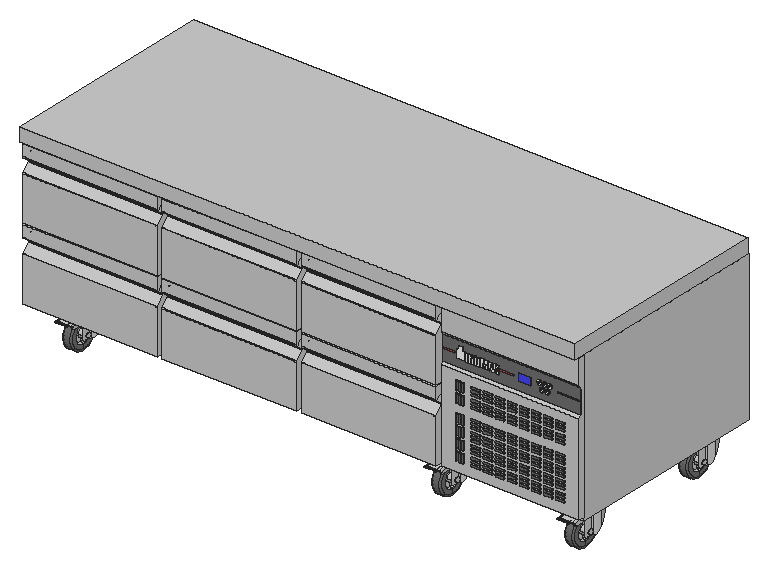
Revit family "QF_INOMAK_PWDP777_250528090058", category Specialty Equipment, Revit 2021 (continued)
Definition of nested family "QF_INOMAK_REF_COUNTERS_DOORS_DRAWERS_6522"
  Definition of nested family "2_Drawers_1-2"
    Automatic sketch dimensions
      plane 7 "Front legs" to Extrusion 4 sketch curve = 21.094 mm
      Extrusion 4 sketch curve to Extrusion 4 sketch curve = 11.91 mm
      Extrusion 4 sketch curve to Extrusion 4 sketch curve = 2.243 mm
      Extrusion 4 sketch curve to Extrusion 4 sketch curve = 2.385 mm
      Extrusion 4 sketch curve to Extrusion 4 sketch curve = 20.119 mm
      Extrusion 4 sketch curve to Extrusion 4 sketch curve = 22.822 mm
      Extrusion 4 sketch curve to Extrusion 4 sketch curve = 19.985 mm
      Extrusion 4 sketch curve to Extrusion 4 sketch curve = 6.919 mm
      Extrusion 4 sketch curve to Extrusion 4 sketch curve = 30.039 mm
  Definition of nested family "2_Drawers_1-3_2-3"
    Parameters (values of type "2 Drawers 1-3 and 2-3")
      URL = "www.specifiglobal.com"
      Top inset [instance] = 4 mm
      Right panel thickness [instance] = 35 mm
      Rear inset [instance] = 10 mm
      Plinth height [instance] = 150 mm
      Model = ""
      Manufacturer = "DEMO CONSULTANT"
      Length Actual [instance] = 1200 mm
      Left panel thickness [instance] = 35 mm
      Height Actual [instance] = 900 mm
      Front inset [instance] = 10 mm
      Finish = none
      Doors drawers type [instance] = 5
      Description = ""
      Depth Actual [instance] = 700 mm
      Default Elevation = 0 mm
      Bottom inset [instance] = 4 mm
      Assembly Code = "E1090320"
      2 Drawers 1-3 and 2-3 [instance] = Doors drawers type = 5  # yes
    Reference planes
      plane 1 "Back": y = 0
      plane 2: z = 0
      plane 3 "Left": x = 0
      plane 4 "Right": x = 1200
      plane 5 "Front": y = -700
      plane 6 "Top": z = 1050
      plane 7 "Front legs": y = -690
      plane 8 "Legs top": z = 150
      plane 9 "Backsplash thickness": y = -10
      plane 10 "Left panel": x = 35
      plane 11 "Right panel": x = 1165
      plane 12: z = 1046
      plane 13: z = 751.833
      plane 14: z = 746.833
      plane 15: z = 154
      plane 16: z = 450.667
      plane 17: z = 152
      plane 18: z = 1048
      plane 19: z = 749.333
    Forms (mm)
      Extrusion 1, solid, material <- "Finish", visible <- "2 Drawers 1-3 and 2-3"
        sketch origin (35, 0, 0) x (0, -1, 0) y (0, 0, 1)
          loop
            line (690, 751.833) -> (690, 960.365)
            arc (690, 960.365) -> (689.866, 961.037) -> (689.485, 961.607) r 1.757
            line (689.485, 961.607) -> (666.663, 984.429)
            arc (666.663, 984.429) -> (665.976, 985.458) -> (665.734, 986.672) r 3.172
            line (665.734, 986.672) -> (665.734, 1013.576)
            arc (665.734, 1013.576) -> (666.433, 1015.262) -> (668.119, 1015.961) r 2.385
            line (668.119, 1015.961) -> (680.029, 1015.961) -> (686.544, 1006.657)
            arc (686.544, 1006.657) -> (688.671, 1005.935) -> (690, 1007.747) r 1.9
            line (690, 1007.747) -> (690, 1046) -> (648, 1046) -> (648, 751.833) -> (690, 751.833)
        from 0 to -1130
      Extrusion 2, solid, visible <- "2 Drawers 1-3 and 2-3", detail levels coarse
        sketch origin (0, -640.463, 751.833) x (0, 1, 0) y (-1, 0, 0)
          loop
            line (-49.537, -35) -> (-624.537, -35) -> (-624.537, -1165) -> (-49.537, -1165) -> (-49.537, -35)
        from 0 to 294.167
      Extrusion 3, solid, visible <- "2 Drawers 1-3 and 2-3", detail levels coarse
        sketch origin (0, -700, 154) x (-1, 0, 0) y (0, 1, 0)
          loop
            line (-35, 10) -> (-1165, 10) -> (-1165, -565) -> (-35, -565) -> (-35, 10)
        from 0 to -592.833
      Extrusion 4, solid, material <- "Finish", visible <- "2 Drawers 1-3 and 2-3"
        sketch origin (35, 0, -441.333) x (0, -1, 0) y (0, 0, 1)
          loop
            line (690, 595.333) -> (690, 1101.698)
            arc (690, 1101.698) -> (689.866, 1102.37) -> (689.485, 1102.94) r 1.757
            line (689.485, 1102.94) -> (666.663, 1126.596)
            arc (666.663, 1126.596) -> (665.976, 1127.625) -> (665.734, 1128.839) r 3.172
            line (665.734, 1128.839) -> (665.734, 1155.743)
            arc (665.734, 1155.743) -> (666.433, 1157.429) -> (668.119, 1158.128) r 2.385
            line (668.119, 1158.128) -> (680.029, 1158.128) -> (686.544, 1148.824)
            arc (686.544, 1148.824) -> (688.671, 1148.102) -> (690, 1149.914) r 1.9
            line (690, 1149.914) -> (690, 1188.167) -> (648, 1188.167) -> (648, 595.333) -> (690, 595.333)
        from 0 to -1130
    Lines and regions (mm)
      symbolic lines, visible <- "2 Drawers 1-3 and 2-3"
        curve 1: line (35, -1000, 900) -> (35, -1040, 900)
        curve 2: line (35, -1040, 900) -> (1165, -1040, 900)
        curve 3: line (1165, -1040, 900) -> (1165, -1000, 900)
        curve 4: line (1165, -1000, 900) -> (35, -1000, 900)
        curve 5: line (1135, -1000, 900) -> (1135, -700, 900)
        curve 6: line (65, -1000, 900) -> (65, -700, 900)
        curve 7: line (35, -1225, 900) -> (35, -1265, 900)
        curve 8: line (35, -1265, 900) -> (1165, -1265, 900)
        curve 9: line (1165, -1265, 900) -> (1165, -1225, 900)
        curve 10: line (1165, -1225, 900) -> (35, -1225, 900)
        curve 11: line (1135, -1225, 900) -> (1135, -1040, 900)
        curve 12: line (65, -1225, 900) -> (65, -1040, 900)
    Dimensions and locks
      "Length Actual": plane 3 "Left" to plane 4 "Right"
      "Depth Actual": plane 5 "Front" to plane 1 "Back"
      "Height Actual": plane 6 "Top" to plane 8 "Legs top"
      "Front inset": plane 7 "Front legs" to plane 5 "Front"
      "Plinth height": plane 8 "Legs top" to plane 2
      "Rear inset": plane 9 "Backsplash thickness" to plane 1 "Back"
      "Right panel thickness": plane 11 "Right panel" to plane 4 "Right"
      "Left panel thickness": plane 3 "Left" to plane 10 "Left panel"
      "Top inset": plane 6 "Top" to plane 12
      locked: plane 13 to plane 14 at 5
      "Bottom inset": plane 15 to plane 8 "Legs top"
      equal spacing: plane 17, plane 16, plane 19, plane 18
      equal spacing: plane 12, plane 18, plane 6 "Top"
      equal spacing: plane 14, plane 19, plane 13
      equal spacing: plane 15, plane 17, plane 8 "Legs top"
      aligned and locked: level to plane 2
      aligned and locked: Extrusion 1 to plane 11 "Right panel"
      aligned and locked: plane 10 "Left panel" to curve 1
      aligned and locked: plane 10 "Left panel" to curve 7
      aligned and locked: Extrusion 2 sketch curve to plane 10 "Left panel"
      aligned and locked: plane 11 "Right panel" to Extrusion 2 sketch curve
      aligned and locked: Extrusion 3 sketch curve to plane 10 "Left panel"
      aligned and locked: plane 11 "Right panel" to Extrusion 3 sketch curve
      aligned and locked: Extrusion 2 to plane 12
      aligned and locked: Extrusion 4 to plane 11 "Right panel"
      aligned and locked: Extrusion 3 to plane 14
      aligned and locked: plane 13 to Extrusion 1 sketch curve
      aligned and locked: Extrusion 2 to Extrusion 1 sketch curve
      aligned and locked: Extrusion 3 to Extrusion 4 sketch curve
      aligned and locked: Extrusion 4 sketch curve to Extrusion 3  (x2)
      aligned and locked: Extrusion 1 sketch curve to plane 7 "Front legs"
    Automatic sketch dimensions
      Extrusion 2 sketch curve to plane 7 "Front legs" = 0 mm
      Extrusion 2 sketch curve to plane 5 "Front" = 565 mm
      Extrusion 3 sketch curve to plane 7 "Front legs" = 0 mm
      Extrusion 3 sketch curve to plane 5 "Front" = 565 mm
      curve 9 to plane 11 "Right panel" = 0 mm
      curve 2 to plane 11 "Right panel" = 0 mm
      curve 5 to plane 5 "Front" = 0 mm
      curve 6 to plane 5 "Front" = 0 mm
      curve 1 to plane 5 "Front" = 300 mm
      curve 3 to curve 3 = 40 mm
      curve 7 to curve 1 = 185 mm
      curve 8 to curve 9 = 40 mm
      plane 11 "Right panel" to curve 5 = 30 mm
      curve 11 to curve 5 = 0 mm
      curve 6 to plane 10 "Left panel" = 30 mm
      curve 12 to curve 6 = 0 mm
      Extrusion 1 sketch curve to plane 7 "Front legs" = 0 mm
      plane 7 "Front legs" to Extrusion 1 sketch curve = 0.515 mm
      plane 7 "Front legs" to Extrusion 1 sketch curve = 1.757 mm
      plane 7 "Front legs" to Extrusion 1 sketch curve = 1.9 mm
      Extrusion 1 sketch curve to Extrusion 1 sketch curve = 1.556 mm
      plane 7 "Front legs" to Extrusion 1 sketch curve = 9.971 mm
      plane 7 "Front legs" to Extrusion 1 sketch curve = 21.094 mm
      Extrusion 1 sketch curve to Extrusion 1 sketch curve = 11.91 mm
      Extrusion 1 sketch curve to Extrusion 1 sketch curve = 2.243 mm
      Extrusion 1 sketch curve to Extrusion 1 sketch curve = 2.385 mm
      Extrusion 1 sketch curve to Extrusion 1 sketch curve = 20.119 mm
      plane 12 to Extrusion 1 sketch curve = 85.635 mm
      Extrusion 1 sketch curve to Extrusion 1 sketch curve = 22.822 mm
      Extrusion 1 sketch curve to Extrusion 1 sketch curve = 19.985 mm
      Extrusion 1 sketch curve to Extrusion 1 sketch curve = 6.919 mm
      plane 12 to Extrusion 1 sketch curve = 0 mm
      Extrusion 4 sketch curve to plane 7 "Front legs" = 0 mm
      plane 7 "Front legs" to Extrusion 4 sketch curve = 0.515 mm
      plane 7 "Front legs" to Extrusion 4 sketch curve = 1.9 mm
      Extrusion 4 sketch curve to Extrusion 4 sketch curve = 1.556 mm
      plane 7 "Front legs" to Extrusion 4 sketch curve = 9.971 mm
      plane 7 "Front legs" to Extrusion 4 sketch curve = 21.094 mm
      Extrusion 4 sketch curve to Extrusion 4 sketch curve = 11.91 mm
      Extrusion 4 sketch curve to Extrusion 4 sketch curve = 2.243 mm
      Extrusion 4 sketch curve to Extrusion 4 sketch curve = 2.385 mm
      Extrusion 4 sketch curve to Extrusion 4 sketch curve = 20.119 mm
      Extrusion 4 sketch curve to Extrusion 4 sketch curve = 86.469 mm
      Extrusion 4 sketch curve to Extrusion 4 sketch curve = 23.656 mm
      Extrusion 4 sketch curve to Extrusion 4 sketch curve = 19.985 mm
      Extrusion 4 sketch curve to Extrusion 4 sketch curve = 6.919 mm
      plane 7 "Front legs" to Extrusion 4 sketch curve = 1.757 mm
  Definition of nested family "Sliding_Doors"
    Parameters (values of type "Sliding doors")
      URL = "www.specifiglobal.com"
      Top inset [instance] = 4 mm
      Sliding doors [instance] = Doors drawers type = 2  # yes
      Right panel thickness [instance] = 35 mm
      Rear inset [instance] = 10 mm
      Plinth height [instance] = 150 mm
      Model = ""
      Manufacturer = "DEMO CONSULTANT"
      Length Actual [instance] = 1200 mm
      Left panel thickness [instance] = 35 mm
      Height Actual [instance] = 900 mm
      Front inset [instance] = 10 mm
      Finish [instance] = none
      Doors drawers type [instance] = 2
      Description = ""
      Depth Actual [instance] = 700 mm
      Default Elevation = 0 mm
      Bottom inset [instance] = 4 mm
      Assembly Code = "E1090320"
    Reference planes
      plane 1 "Back": y = 0
      plane 2: z = 0
      plane 3 "Left": x = 0
      plane 4 "Right": x = 1200
      plane 5 "Front": y = -700
      plane 6 "Top": z = 1050
      plane 7 "Front legs": y = -690
      plane 8 "Legs top": z = 150
      plane 9 "Backsplash thickness": y = -10
      plane 10: x = 35
      plane 11: x = 1165
      plane 12 "Center Left-Right": x = 600
      plane 13: z = 154
      plane 14: z = 1046
    Forms (mm)
      Extrusion 1, solid, material <- "Finish", visible <- "Sliding doors"
        sketch origin (0, -690, 154) x (-1, 0, 0) y (0, 1, 0)
          loop
            line (-35, 10) -> (-35, 20) -> (-620, 20) -> (-620, 0) -> (-91.156, 0)
            arc (-91.156, 0) -> (-85.272, 0.885) -> (-79.91, 3.461) r 20
            line (-79.91, 3.461) -> (-60, 17) -> (-38, 17) -> (-38, 10)
            arc (-38, 10) -> (-40.05, 5.05) -> (-45, 3) r 7
            line (-45, 3) -> (-50.012, 3) -> (-50.012, 0) -> (-45, 0)
            arc (-45, 0) -> (-37.929, 2.929) -> (-35, 10) r 10
        from 0 to -892
      Extrusion 2, solid, material <- "Finish", visible <- "Sliding doors"
        sketch origin (0, -689, 154) x (-1, 0, 0) y (0, 1, 0)
          loop
            arc (-1065, 30) -> (-1062.071, 22.929) -> (-1055, 20) r 10
            line (-1055, 20) -> (-1049.988, 20) -> (-1049.988, 23) -> (-1055, 23)
            arc (-1055, 23) -> (-1059.95, 25.05) -> (-1062, 30) r 7
            line (-1062, 30) -> (-1062, 37) -> (-1040, 37) -> (-1020.09, 23.461)
            arc (-1020.09, 23.461) -> (-1014.728, 20.885) -> (-1008.844, 20) r 20
            line (-1008.844, 20) -> (-480, 20) -> (-480, 40) -> (-1065, 40) -> (-1065, 30)
        from 0 to -892
    Lines and regions (mm)
      symbolic lines, visible <- "Sliding doors"
        curve 1: line (1065, -649, 150) -> (480, -649, 150)
        curve 2: line (1065, -669, 150) -> (1065, -649, 150)
        curve 3: line (480, -669, 150) -> (1065, -669, 150)
        curve 4: line (480, -649, 150) -> (480, -669, 150)
        curve 5: line (620, -690, 150) -> (35, -690, 150)
        curve 6: line (620, -670, 150) -> (620, -690, 150)
        curve 7: line (35, -670, 150) -> (620, -670, 150)
        curve 8: line (35, -690, 150) -> (35, -670, 150)
    Dimensions and locks
      "Length Actual": plane 3 "Left" to plane 4 "Right"
      "Depth Actual": plane 5 "Front" to plane 1 "Back"
      "Height Actual": plane 6 "Top" to plane 8 "Legs top"
      "Front inset": plane 7 "Front legs" to plane 5 "Front"
      "Plinth height": plane 8 "Legs top" to plane 2
      "Rear inset": plane 9 "Backsplash thickness" to plane 1 "Back"
      "Right panel thickness": plane 11 to plane 4 "Right"
      "Left panel thickness": plane 3 "Left" to plane 10
      equal spacing: plane 10, plane 12 "Center Left-Right", plane 11
      "Top inset": plane 6 "Top" to plane 14
      "Bottom inset": plane 13 to plane 8 "Legs top"
      locked: plane 12 "Center Left-Right" to curve 4 at 120
      locked: plane 12 "Center Left-Right" to curve 5 at 20
      locked: plane 11 to curve 1 at 100
      aligned and locked: level to plane 2
      aligned and locked: Extrusion 1 sketch curve to plane 7 "Front legs"
      aligned and locked: Extrusion 1 sketch curve to plane 10
      aligned and locked: Extrusion 1 to plane 14
      aligned and locked: Extrusion 2 to plane 14
      aligned and locked: curve 8 to plane 10
    Automatic sketch dimensions
      Extrusion 2 sketch curve to Extrusion 2 sketch curve = 0 mm  (x2)
      plane 11 to Extrusion 2 sketch curve = 100 mm
      Extrusion 2 sketch curve to Extrusion 2 sketch curve = 3 mm
      Extrusion 2 sketch curve to Extrusion 2 sketch curve = 7 mm  (x2)
      Extrusion 2 sketch curve to Extrusion 2 sketch curve = 5.012 mm
      plane 7 "Front legs" to Extrusion 2 sketch curve = 38 mm
      Extrusion 2 sketch curve to Extrusion 2 sketch curve = 15 mm
      plane 7 "Front legs" to Extrusion 2 sketch curve = 24.461 mm
      Extrusion 2 sketch curve to Extrusion 2 sketch curve = 19.91 mm
      Extrusion 2 sketch curve to Extrusion 2 sketch curve = 11.246 mm
      Extrusion 2 sketch curve to plane 12 "Center Left-Right" = 120 mm
      Extrusion 2 sketch curve to Extrusion 2 sketch curve = 16.539 mm
      Extrusion 2 sketch curve to Extrusion 2 sketch curve = 20 mm
      Extrusion 1 sketch curve to Extrusion 1 sketch curve = 0 mm  (x2)
      Extrusion 1 sketch curve to plane 7 "Front legs" = 0 mm
      Extrusion 1 sketch curve to plane 10 = 3 mm
      Extrusion 1 sketch curve to Extrusion 1 sketch curve = 7 mm
      Extrusion 1 sketch curve to Extrusion 1 sketch curve = 5.012 mm
      Extrusion 1 sketch curve to Extrusion 1 sketch curve = 15 mm
      plane 7 "Front legs" to Extrusion 1 sketch curve = 3.461 mm
      Extrusion 1 sketch curve to Extrusion 1 sketch curve = 19.91 mm
      Extrusion 1 sketch curve to Extrusion 1 sketch curve = 11.246 mm
      plane 12 "Center Left-Right" to Extrusion 1 sketch curve = 20 mm
      Extrusion 1 sketch curve to Extrusion 1 sketch curve = 20 mm
      Extrusion 1 sketch curve to Extrusion 1 sketch curve = 3 mm
      curve 8 to plane 7 "Front legs" = 0 mm
      curve 5 to curve 6 = 20 mm
      plane 7 "Front legs" to curve 2 = 21 mm
      curve 2 to curve 2 = 20 mm
  Definition of nested family "4_Drawers_1-4"
    Parameters (values of type "4 Drawers 1-4")
      URL = "www.specifiglobal.com"
      Top inset [instance] = 4 mm
      Right panel thickness [instance] = 35 mm
      Rear inset [instance] = 10 mm
      Plinth height [instance] = 150 mm
      Model = ""
      Manufacturer = "DEMO CONSULTANT"
      Length Actual [instance] = 1200 mm
      Left panel thickness [instance] = 35 mm
      Height Actual [instance] = 900 mm
      Front inset [instance] = 10 mm
      Finish [instance] = none
      Doors drawers type [instance] = 7
      Description = ""
      Depth Actual [instance] = 700 mm
      Default Elevation = 0 mm
      Bottom inset [instance] = 4 mm
      Assembly Code = "E1090320"
      4 Drawers [instance] = Doors drawers type = 7  # yes
    Reference planes
      plane 1 "Back": y = 0
      plane 2: z = 0
      plane 3 "Left": x = 0
      plane 4 "Right": x = 1200
      plane 5 "Front": y = -700
      plane 6 "Top": z = 1050
      plane 7 "Front legs": y = -690
      plane 8 "Legs top": z = 150
      plane 9 "Backsplash thickness": y = -10
      plane 10 "Left panel": x = 35
      plane 11 "Right panel": x = 1165
      plane 12: z = 824.25
      plane 13: z = 1046
      plane 14: z = 826.083
      plane 15: z = 822.417
      plane 16: z = 1048.5
      plane 17: z = 375.75
      plane 18: z = 377.917
      plane 19: z = 373.583
      plane 20: z = 154
      plane 21: z = 151.5
      plane 22: z = 600
      plane 23: z = 601.833
      plane 24: z = 598.167
    Forms (mm)
      Extrusion 1, solid, material <- "Finish", visible <- "4 Drawers"
        sketch origin (35, 0, -1) x (0, -1, 0) y (0, 0, 1)
          loop
            line (680, 1047) -> (670, 1047) -> (670, 827.083) -> (690, 827.083) -> (690, 990.844)
            arc (690, 990.844) -> (689.115, 996.728) -> (686.539, 1002.09) r 20
            line (686.539, 1002.09) -> (673, 1022) -> (673, 1044) -> (680, 1044)
            arc (680, 1044) -> (684.95, 1041.95) -> (687, 1037) r 7
            line (687, 1037) -> (687, 1031.988) -> (690, 1031.988) -> (690, 1037)
            arc (690, 1037) -> (687.071, 1044.071) -> (680, 1047) r 10
        from 0 to -1130
      Extrusion 2, solid, visible <- "4 Drawers", detail levels coarse
        sketch origin (0, -640.463, 826.083) x (0, 1, 0) y (-1, 0, 0)
          loop
            line (-49.537, -35) -> (-624.537, -35) -> (-624.537, -1165) -> (-49.537, -1165) -> (-49.537, -35)
        from 0 to 219.917
      Extrusion 3, solid, visible <- "4 Drawers", detail levels coarse
        sketch origin (0, -700, 154) x (-1, 0, 0) y (0, 1, 0)
          loop
            line (-35, 10) -> (-1165, 10) -> (-1165, -565) -> (-35, -565) -> (-35, 10)
        from 0 to -219.583
      Extrusion 4, solid, material <- "Finish", visible <- "4 Drawers"
        sketch origin (35, 0, -440.333) x (0, -1, 0) y (0, 0, 1)
          loop
            line (680, 813.917) -> (670, 813.917) -> (670, 594.333) -> (690, 594.333) -> (690, 757.761)
            arc (690, 757.761) -> (689.115, 763.644) -> (686.539, 769.007) r 20
            line (686.539, 769.007) -> (673, 788.917) -> (673, 810.917) -> (680, 810.917)
            arc (680, 810.917) -> (684.95, 808.866) -> (687, 803.917) r 7
            line (687, 803.917) -> (687, 798.904) -> (690, 798.904) -> (690, 803.917)
            arc (690, 803.917) -> (687.071, 810.988) -> (680, 813.917) r 10
        from 0 to -1130
      Extrusion 5, solid, material <- "Finish", visible <- "4 Drawers"
        sketch origin (35, 0, -165.333) x (0, -1, 0) y (0, 0, 1)
          loop
            line (680, 987.75) -> (670, 987.75) -> (670, 767.167) -> (690, 767.167) -> (690, 931.594)
            arc (690, 931.594) -> (689.115, 937.478) -> (686.539, 942.84) r 20
            line (686.539, 942.84) -> (673, 962.75) -> (673, 984.75) -> (680, 984.75)
            arc (680, 984.75) -> (684.95, 982.7) -> (687, 977.75) r 7
            line (687, 977.75) -> (687, 972.738) -> (690, 972.738) -> (690, 977.75)
            arc (690, 977.75) -> (687.071, 984.821) -> (680, 987.75) r 10
        from 0 to -1130
      Extrusion 6, solid, material <- "Finish", visible <- "4 Drawers"
        sketch origin (35, 0, -330.333) x (0, -1, 0) y (0, 0, 1)
          loop
            line (680, 928.5) -> (670, 928.5) -> (670, 708.25) -> (690, 708.25) -> (690, 872.344)
            arc (690, 872.344) -> (689.115, 878.228) -> (686.539, 883.59) r 20
            line (686.539, 883.59) -> (673, 903.5) -> (673, 925.5) -> (680, 925.5)
            arc (680, 925.5) -> (684.95, 923.45) -> (687, 918.5) r 7
            line (687, 918.5) -> (687, 913.488) -> (690, 913.488) -> (690, 918.5)
            arc (690, 918.5) -> (687.071, 925.571) -> (680, 928.5) r 10
        from 0 to -1130
      Extrusion 7, solid, visible <- "4 Drawers", detail levels coarse
        sketch origin (0, -500.463, 601.833) x (0, 1, 0) y (-1, 0, 0)
          loop
            line (-189.537, -35) -> (-764.537, -35) -> (-764.537, -1165) -> (-189.537, -1165) -> (-189.537, -35)
        from 0 to 220.583
      Extrusion 8, solid, visible <- "4 Drawers", detail levels coarse
        sketch origin (0, -540.463, 377.917) x (0, 1, 0) y (-1, 0, 0)
          loop
            line (-149.537, -35) -> (-724.537, -35) -> (-724.537, -1165) -> (-149.537, -1165) -> (-149.537, -35)
        from 0 to 220.25
    Lines and regions (mm)
      symbolic lines, visible <- "4 Drawers"
        curve 1: line (35, -945, 900) -> (35, -985, 900)
        curve 2: line (35, -985, 900) -> (1165, -985, 900)
        curve 3: line (1165, -985, 900) -> (1165, -945, 900)
        curve 4: line (1165, -945, 900) -> (35, -945, 900)
        curve 5: line (1135, -945, 900) -> (1135, -845, 900)
        curve 6: line (65, -945, 900) -> (65, -845, 900)
        curve 7: line (35, -1085, 900) -> (35, -1125, 900)
        curve 8: line (35, -1125, 900) -> (1165, -1125, 900)
        curve 9: line (1165, -1125, 900) -> (1165, -1085, 900)
        curve 10: line (1165, -1085, 900) -> (35, -1085, 900)
        curve 11: line (1135, -1085, 900) -> (1135, -985, 900)
        curve 12: line (65, -1085, 900) -> (65, -985, 900)
        curve 13: line (35, -1225, 900) -> (35, -1265, 900)
        curve 14: line (35, -1265, 900) -> (1165, -1265, 900)
        curve 15: line (1165, -1265, 900) -> (1165, -1225, 900)
        curve 16: line (1165, -1225, 900) -> (35, -1225, 900)
        curve 17: line (1135, -1225, 900) -> (1135, -1125, 900)
        curve 18: line (65, -1225, 900) -> (65, -1125, 900)
        curve 19: line (35, -805, 900) -> (35, -845, 900)
        curve 20: line (35, -845, 900) -> (1165, -845, 900)
        curve 21: line (1165, -845, 900) -> (1165, -805, 900)
        curve 22: line (1165, -805, 900) -> (35, -805, 900)
        curve 23: line (65, -805, 900) -> (65, -700, 900)
        curve 24: line (1135, -805, 900) -> (1135, -700, 900)
    Dimensions and locks
      "Length Actual": plane 3 "Left" to plane 4 "Right"
      "Depth Actual": plane 5 "Front" to plane 1 "Back"
      "Height Actual": plane 6 "Top" to plane 8 "Legs top"
      "Front inset": plane 7 "Front legs" to plane 5 "Front"
      "Plinth height": plane 8 "Legs top" to plane 2
      "Rear inset": plane 9 "Backsplash thickness" to plane 1 "Back"
      "Right panel thickness": plane 11 "Right panel" to plane 4 "Right"
      "Left panel thickness": plane 3 "Left" to plane 10 "Left panel"
      locked: plane 14 to plane 15 at 3.667
      equal spacing: plane 14, plane 12, plane 15
      locked: plane 23 to plane 24 at 3.667
      equal spacing: plane 23, plane 22, plane 24
      "Bottom inset": plane 20 to plane 8 "Legs top"
      equal spacing: plane 19, plane 17, plane 18
      locked: plane 19 to plane 18 at 4.333
      equal spacing: plane 21, plane 17, plane 22, plane 12, plane 16
      locked: plane 13 to plane 16 at 2.5
      "Top inset": plane 13 to plane 6 "Top"
      locked: plane 21 to plane 20 at 2.5
      aligned and locked: level to plane 2
      aligned and locked: plane 7 "Front legs" to Extrusion 1 sketch curve  (x2)
      aligned and locked: Extrusion 1 to plane 11 "Right panel"
      aligned and locked: Extrusion 1 sketch curve to plane 13
      aligned and locked: Extrusion 1 sketch curve to plane 14
      aligned and locked: plane 10 "Left panel" to curve 1
      aligned and locked: plane 10 "Left panel" to curve 7
      aligned and locked: plane 10 "Left panel" to curve 13
      aligned and locked: Extrusion 2 sketch curve to plane 10 "Left panel"
      aligned and locked: plane 11 "Right panel" to Extrusion 2 sketch curve
      aligned and locked: Extrusion 3 sketch curve to plane 10 "Left panel"
      aligned and locked: plane 11 "Right panel" to Extrusion 3 sketch curve
      aligned and locked: Extrusion 2 to plane 13
      aligned and locked: Extrusion 3 to plane 19
      aligned and locked: plane 20 to Extrusion 4 sketch curve
      aligned and locked: Extrusion 4 to plane 11 "Right panel"
      aligned and locked: Extrusion 5 sketch curve to plane 15
      aligned and locked: plane 7 "Front legs" to Extrusion 5 sketch curve
      aligned and locked: Extrusion 5 sketch curve to plane 23
      aligned and locked: Extrusion 6 sketch curve to plane 24
      aligned and locked: plane 7 "Front legs" to Extrusion 6 sketch curve
      aligned and locked: Extrusion 6 sketch curve to plane 18
      aligned and locked: Extrusion 7 to plane 15
      aligned and locked: Extrusion 8 to plane 24
      aligned and locked: Extrusion 5 to plane 11 "Right panel"
      aligned and locked: Extrusion 6 to plane 11 "Right panel"
    Automatic sketch dimensions
      Extrusion 1 sketch curve to Extrusion 1 sketch curve = 0 mm  (x2)
      plane 7 "Front legs" to Extrusion 1 sketch curve = 3 mm
      plane 7 "Front legs" to Extrusion 1 sketch curve = 3.461 mm
      plane 7 "Front legs" to Extrusion 1 sketch curve = 10 mm
      Extrusion 1 sketch curve to Extrusion 1 sketch curve = 7 mm
      plane 7 "Front legs" to Extrusion 1 sketch curve = 20 mm  (x2)
      Extrusion 1 sketch curve to Extrusion 1 sketch curve = 46.156 mm
      Extrusion 1 sketch curve to Extrusion 1 sketch curve = 15 mm
      Extrusion 1 sketch curve to Extrusion 1 sketch curve = 5.012 mm
      Extrusion 2 sketch curve to plane 7 "Front legs" = 0 mm
      Extrusion 2 sketch curve to plane 5 "Front" = 565 mm
      Extrusion 3 sketch curve to plane 7 "Front legs" = 0 mm
      Extrusion 3 sketch curve to plane 5 "Front" = 565 mm
      Extrusion 5 sketch curve to Extrusion 5 sketch curve = 0 mm  (x2)
      Extrusion 5 sketch curve to plane 7 "Front legs" = 0 mm
      plane 7 "Front legs" to Extrusion 5 sketch curve = 3 mm
      plane 7 "Front legs" to Extrusion 5 sketch curve = 3.461 mm
      plane 7 "Front legs" to Extrusion 5 sketch curve = 10 mm
      Extrusion 5 sketch curve to Extrusion 5 sketch curve = 7 mm
      plane 7 "Front legs" to Extrusion 5 sketch curve = 20 mm  (x2)
      Extrusion 5 sketch curve to Extrusion 5 sketch curve = 46.156 mm
      Extrusion 5 sketch curve to Extrusion 5 sketch curve = 15 mm
      Extrusion 5 sketch curve to Extrusion 5 sketch curve = 5.012 mm
      Extrusion 6 sketch curve to Extrusion 6 sketch curve = 0 mm  (x2)
      Extrusion 6 sketch curve to plane 7 "Front legs" = 0 mm
      plane 7 "Front legs" to Extrusion 6 sketch curve = 3 mm
      plane 7 "Front legs" to Extrusion 6 sketch curve = 3.461 mm
      plane 7 "Front legs" to Extrusion 6 sketch curve = 10 mm
      Extrusion 6 sketch curve to Extrusion 6 sketch curve = 7 mm
      plane 7 "Front legs" to Extrusion 6 sketch curve = 20 mm  (x2)
      Extrusion 6 sketch curve to Extrusion 6 sketch curve = 46.156 mm
      Extrusion 6 sketch curve to Extrusion 6 sketch curve = 15 mm
      Extrusion 6 sketch curve to Extrusion 6 sketch curve = 5.012 mm
      curve 14 to plane 11 "Right panel" = 0 mm
      curve 8 to plane 11 "Right panel" = 0 mm
      curve 2 to plane 11 "Right panel" = 0 mm
      curve 21 to plane 11 "Right panel" = 0 mm
      curve 20 to plane 10 "Left panel" = 0 mm
      curve 23 to plane 5 "Front" = 0 mm
      curve 24 to plane 5 "Front" = 0 mm
      curve 21 to plane 5 "Front" = 105 mm
      curve 20 to curve 21 = 40 mm
      curve 3 to curve 20 = 100 mm
      curve 3 to curve 3 = 40 mm
      curve 10 to curve 1 = 100 mm
      curve 9 to curve 9 = 40 mm
      curve 15 to curve 8 = 100 mm
      curve 15 to curve 15 = 40 mm
      plane 11 "Right panel" to curve 24 = 30 mm
      curve 8 to curve 17 = 30 mm
      curve 11 to curve 17 = 0 mm
      curve 23 to plane 10 "Left panel" = 30 mm
      curve 12 to curve 6 = 0 mm
      curve 18 to curve 12 = 0 mm
      Extrusion 4 sketch curve to Extrusion 4 sketch curve = 0 mm  (x2)
      plane 19 to Extrusion 4 sketch curve = 0 mm
      Extrusion 4 sketch curve to plane 7 "Front legs" = 0 mm  (x2)
      plane 7 "Front legs" to Extrusion 4 sketch curve = 3 mm
      plane 7 "Front legs" to Extrusion 4 sketch curve = 3.461 mm
      plane 7 "Front legs" to Extrusion 4 sketch curve = 10 mm
      Extrusion 4 sketch curve to Extrusion 4 sketch curve = 7 mm
      plane 7 "Front legs" to Extrusion 4 sketch curve = 20 mm  (x2)
      Extrusion 4 sketch curve to Extrusion 4 sketch curve = 46.156 mm
      Extrusion 4 sketch curve to Extrusion 4 sketch curve = 15 mm
      Extrusion 4 sketch curve to Extrusion 4 sketch curve = 5.012 mm
      Extrusion 7 sketch curve to plane 10 "Left panel" = 0 mm
      Extrusion 7 sketch curve to plane 11 "Right panel" = 0 mm
      Extrusion 7 sketch curve to plane 7 "Front legs" = 0 mm
      Extrusion 7 sketch curve to plane 5 "Front" = 565 mm
      Extrusion 8 sketch curve to plane 10 "Left panel" = 0 mm
      Extrusion 8 sketch curve to plane 11 "Right panel" = 0 mm
      Extrusion 8 sketch curve to plane 7 "Front legs" = 0 mm
      Extrusion 8 sketch curve to plane 5 "Front" = 565 mm
      curve 6 to plane 10 "Left panel" = 30 mm
      curve 5 to curve 24 = 0 mm
  Definition of nested family "Hinged_Doors"
    Parameters (values of type "Hinged doors")
      URL = "www.specifiglobal.com"
      Top inset [instance] = 4 mm
      Right panel thickness [instance] = 35 mm
      Rear inset [instance] = 10 mm
      Plinth height [instance] = 150 mm
      Model = ""
      Manufacturer = "DEMO CONSULTANT"
      Length Actual [instance] = 1200 mm
      Left panel thickness [instance] = 35 mm
      Hinged doors [instance] = Doors drawers type = 3  # yes
      Height Actual [instance] = 900 mm
      Front inset [instance] = 10 mm
      Finish [instance] = none
      Doors drawers type [instance] = 3
      Description = ""
      Depth Actual [instance] = 700 mm
      Default Elevation = 0 mm
      Bottom inset [instance] = 4 mm
      Assembly Code = "E1090320"
    Reference planes
      plane 1 "Back": y = 0
      plane 2: z = 0
      plane 3 "Left": x = 0
      plane 4 "Right": x = 1200
      plane 5 "Front": y = -700
      plane 6 "Top": z = 1050
      plane 7 "Front legs": y = -690
      plane 8 "Legs top": z = 150
      plane 9 "Backsplash thickness": y = -10
      plane 10: x = 35
      plane 11: x = 1165
      plane 12 "Center Left-Right": x = 600
      plane 13: x = 597.5
      plane 14: x = 602.5
      plane 15: z = 154
      plane 16: z = 1046
    Forms (mm)
      Extrusion 1, solid, material <- "Finish", visible <- "Hinged doors"
        sketch origin (35, -2307.849, 4000) x (0, -1, 0) y (0, 0, 1)
          loop
            line (-1627.849, -2954) -> (-1637.849, -2954) -> (-1637.849, -3846) -> (-1617.849, -3846) -> (-1617.849, -3010.156)
            arc (-1617.849, -3010.156) -> (-1618.734, -3004.272) -> (-1621.31, -2998.91) r 20
            line (-1621.31, -2998.91) -> (-1634.849, -2979) -> (-1634.849, -2957) -> (-1627.849, -2957)
            arc (-1627.849, -2957) -> (-1622.899, -2959.05) -> (-1620.849, -2964) r 7
            line (-1620.849, -2964) -> (-1620.849, -2969.012) -> (-1617.849, -2969.012) -> (-1617.849, -2964)
            arc (-1617.849, -2964) -> (-1620.778, -2956.929) -> (-1627.849, -2954) r 10
        from 0 to -562.5
      Extrusion 2, solid, visible <- "Hinged doors", detail levels coarse
        sketch origin (0, -700, 154) x (-1, 0, 0) y (0, 1, 0)
          loop
            line (-35, 10) -> (-597.5, 10)
            arc (-597.5, 10) -> (-432.748, -387.748) -> (-35, -552.5) r 562.5
            line (-35, -552.5) -> (-35, 10)
        from 0 to -892
      Extrusion 3, solid, material <- "Finish", visible <- "Hinged doors"
        sketch origin (1165, -2312.576, 4000) x (0, -1, 0) y (0, 0, 1)
          loop
            line (-1632.576, -2954) -> (-1642.576, -2954) -> (-1642.576, -3846) -> (-1622.576, -3846) -> (-1622.576, -3010.156)
            arc (-1622.576, -3010.156) -> (-1623.46, -3004.272) -> (-1626.037, -2998.91) r 20
            line (-1626.037, -2998.91) -> (-1639.576, -2979) -> (-1639.576, -2957) -> (-1632.576, -2957)
            arc (-1632.576, -2957) -> (-1627.626, -2959.05) -> (-1625.576, -2964) r 7
            line (-1625.576, -2964) -> (-1625.576, -2969.012) -> (-1622.576, -2969.012) -> (-1622.576, -2964)
            arc (-1622.576, -2964) -> (-1625.504, -2956.929) -> (-1632.576, -2954) r 10
        from 0 to 562.5
      Extrusion 4, solid, visible <- "Hinged doors", detail levels coarse
        sketch origin (0, -700, 154) x (-1, 0, 0) y (0, 1, 0)
          loop
            line (-1165, 10) -> (-1165, -552.5)
            arc (-1165, -552.5) -> (-767.252, -387.748) -> (-602.5, 10) r 562.5
            line (-602.5, 10) -> (-1165, 10)
        from 0 to -892
    Lines and regions (mm)
      symbolic lines, visible <- "Hinged doors"
        curve 1: line (35, -700, 150) -> (35, -1252.5, 150)
        curve 2: arc (35, -1252.5, 150) -> (429.196, -1091.268, 150) -> (597.411, -700, 150) r 562.5
        curve 3: arc (602.589, -700, 150) -> (770.804, -1091.268, 150) -> (1165, -1252.5, 150) r 562.5
        curve 4: line (1165, -1252.5, 150) -> (1165, -700, 150)
    Dimensions and locks
      "Length Actual": plane 3 "Left" to plane 4 "Right"
      "Depth Actual": plane 5 "Front" to plane 1 "Back"
      "Height Actual": plane 6 "Top" to plane 8 "Legs top"
      "Front inset": plane 7 "Front legs" to plane 5 "Front"
      "Plinth height": plane 8 "Legs top" to plane 2
      "Rear inset": plane 9 "Backsplash thickness" to plane 1 "Back"
      "Right panel thickness": plane 11 to plane 4 "Right"
      "Left panel thickness": plane 3 "Left" to plane 10
      equal spacing: plane 10, plane 12 "Center Left-Right", plane 11
      plane 13 to plane 12 "Center Left-Right" = 2.5 mm
      plane 12 "Center Left-Right" to plane 14 = 2.5 mm
      "Bottom inset": plane 15 to plane 8 "Legs top"
      "Top inset": plane 16 to plane 6 "Top"
      aligned and locked: level to plane 2
      aligned and locked: Extrusion 1 to plane 13
      aligned and locked: plane 10 to Extrusion 2 sketch curve
      aligned and locked: plane 13 to Extrusion 2 sketch curve
      aligned and locked: plane 7 "Front legs" to Extrusion 2 sketch curve  (x2)
      aligned and locked: plane 14 to Extrusion 3
      aligned and locked: Extrusion 2 to curve 1
      aligned and locked: curve 2 to Extrusion 2
      aligned and locked: curve 3 to Extrusion 4
      aligned and locked: curve 4 to Extrusion 4
      aligned and locked: plane 5 "Front" to curve 1
      aligned and locked: plane 5 "Front" to curve 2
      aligned and locked: plane 5 "Front" to curve 3
      aligned and locked: plane 5 "Front" to curve 4
      aligned and locked: Extrusion 4 to plane 16
      aligned and locked: Extrusion 2 to plane 16
      aligned and locked: Extrusion 1 sketch curve to plane 16
      aligned and locked: Extrusion 1 sketch curve to plane 15
      aligned and locked: Extrusion 3 sketch curve to plane 15
      aligned and locked: Extrusion 3 sketch curve to plane 16
    Automatic sketch dimensions
      Extrusion 1 sketch curve to Extrusion 1 sketch curve = 0 mm  (x2)
      Extrusion 1 sketch curve to plane 7 "Front legs" = 0 mm  (x2)
      plane 7 "Front legs" to Extrusion 1 sketch curve = 3 mm
      plane 7 "Front legs" to Extrusion 1 sketch curve = 3.461 mm
      plane 7 "Front legs" to Extrusion 1 sketch curve = 10 mm
      Extrusion 1 sketch curve to Extrusion 1 sketch curve = 7 mm
      plane 7 "Front legs" to Extrusion 1 sketch curve = 20 mm  (x2)
      Extrusion 1 sketch curve to Extrusion 1 sketch curve = 46.156 mm
      Extrusion 1 sketch curve to Extrusion 1 sketch curve = 15 mm
      Extrusion 1 sketch curve to Extrusion 1 sketch curve = 5.012 mm
      Extrusion 3 sketch curve to Extrusion 3 sketch curve = 0 mm  (x2)
      Extrusion 3 sketch curve to plane 7 "Front legs" = 0 mm  (x2)
      Extrusion 3 sketch curve to Extrusion 3 sketch curve = 3 mm
      plane 7 "Front legs" to Extrusion 3 sketch curve = 3.461 mm
      plane 7 "Front legs" to Extrusion 3 sketch curve = 10 mm
      Extrusion 3 sketch curve to Extrusion 3 sketch curve = 7 mm
      Extrusion 3 sketch curve to Extrusion 3 sketch curve = 16.539 mm
      Extrusion 3 sketch curve to Extrusion 3 sketch curve = 20 mm
      Extrusion 3 sketch curve to Extrusion 3 sketch curve = 46.156 mm
      Extrusion 3 sketch curve to Extrusion 3 sketch curve = 15 mm
      Extrusion 3 sketch curve to Extrusion 3 sketch curve = 5.012 mm
      Extrusion 4 sketch curve to plane 11 = 0 mm
      Extrusion 4 sketch curve to plane 7 "Front legs" = 0 mm
      Extrusion 4 sketch curve to plane 14 = 0 mm
  Definition of nested family "Hopper"
    Parameters (values of type "Hopper")
      URL = "www.specifiglobal.com"
      Top inset [instance] = 4 mm
      Right panel thickness [instance] = 35 mm
      Rear inset [instance] = 10 mm
      Plinth height [instance] = 150 mm
      Model = ""
      Manufacturer = "DEMO CONSULTANT"
      Length Actual [instance] = 700 mm
      Left panel thickness [instance] = 35 mm
      Hopper [instance] = Doors drawers type = 10  # yes
      Height Actual [instance] = 900 mm
      Front inset [instance] = 10 mm
      Finish [instance] = none
      Doors drawers type [instance] = 10
      Description = ""
      Depth Actual [instance] = 700 mm
      Default Elevation = 0 mm
      Bottom inset [instance] = 4 mm
      Assembly Code = "E1090320"
      2 Drawers = yes
    Reference planes
      plane 1 "Back": y = 0
      plane 2: z = 0
      plane 3 "Left": x = 0
      plane 4 "Right": x = 700
      plane 5 "Front": y = -700
      plane 6 "Top": z = 1050
      plane 7 "Front legs": y = -690
      plane 8 "Legs top": z = 150
      plane 9 "Backsplash thickness": y = -10
      plane 10 "Left panel": x = 35
      plane 11 "Right panel": x = 665
      plane 12: z = 1046
      plane 13: z = 154
    Forms (mm)
      Extrusion 1, solid, material <- "Finish", visible <- "Hopper"
        sketch origin (35, 0, 0) x (0, -1, 0) y (0, 0, 1)
          loop
            line (690, 154) -> (690, 960.365)
            arc (690, 960.365) -> (689.866, 961.037) -> (689.485, 961.607) r 1.757
            line (689.485, 961.607) -> (666.663, 984.429)
            arc (666.663, 984.429) -> (665.976, 985.458) -> (665.734, 986.672) r 3.172
            line (665.734, 986.672) -> (665.734, 1013.576)
            arc (665.734, 1013.576) -> (666.433, 1015.262) -> (668.119, 1015.961) r 2.385
            line (668.119, 1015.961) -> (680.029, 1015.961) -> (686.544, 1006.657)
            arc (686.544, 1006.657) -> (688.671, 1005.935) -> (690, 1007.747) r 1.9
            line (690, 1007.747) -> (690, 1046) -> (648, 1046) -> (648, 154) -> (690, 154)
        from 0 to -630
      Extrusion 2, solid, visible <- "Hopper", detail levels coarse
        sketch origin (35, 0, 0) x (0, -1, 0) y (0, 0, 1)
          loop
            line (690, 154) -> (1265, 154) -> (1265, 1046) -> (690, 1046) -> (690, 154)
        from 0 to -630
    Lines and regions (mm)
      symbolic lines, visible <- "Hopper"
        curve 1: line (35, -1225, 900) -> (35, -1265, 900)
        curve 2: line (35, -1265, 900) -> (665, -1265, 900)
        curve 3: line (665, -1265, 900) -> (665, -1225, 900)
        curve 4: line (665, -1225, 900) -> (35, -1225, 900)
        curve 5: line (635, -1225, 900) -> (635, -700, 900)
        curve 6: line (65, -1225, 900) -> (65, -700, 900)
    Dimensions and locks
      "Length Actual": plane 3 "Left" to plane 4 "Right"
      "Depth Actual": plane 5 "Front" to plane 1 "Back"
      "Height Actual": plane 6 "Top" to plane 8 "Legs top"
      "Front inset": plane 7 "Front legs" to plane 5 "Front"
      "Plinth height": plane 8 "Legs top" to plane 2
      "Rear inset": plane 9 "Backsplash thickness" to plane 1 "Back"
      "Right panel thickness": plane 11 "Right panel" to plane 4 "Right"
      "Left panel thickness": plane 3 "Left" to plane 10 "Left panel"
      "Top inset": plane 12 to plane 6 "Top"
      "Bottom inset": plane 13 to plane 8 "Legs top"
      aligned and locked: level to plane 2
      aligned and locked: Extrusion 1 to plane 11 "Right panel"
      aligned and locked: Extrusion 2 to plane 11 "Right panel"
      aligned and locked: plane 10 "Left panel" to Extrusion 2
      aligned and locked: Extrusion 1 sketch curve to plane 12
      aligned and locked: Extrusion 1 sketch curve to Extrusion 2
      aligned and locked: Extrusion 1 sketch curve to plane 13
    Automatic sketch dimensions
      Extrusion 1 sketch curve to Extrusion 1 sketch curve = 17.734 mm
      Extrusion 1 sketch curve to Extrusion 1 sketch curve = 0.929 mm
      Extrusion 1 sketch curve to Extrusion 1 sketch curve = 2.385 mm
      Extrusion 1 sketch curve to Extrusion 1 sketch curve = 3.172 mm
      Extrusion 1 sketch curve to Extrusion 1 sketch curve = 11.91 mm
      Extrusion 1 sketch curve to Extrusion 1 sketch curve = 6.515 mm
      Extrusion 1 sketch curve to Extrusion 1 sketch curve = 1.556 mm
      Extrusion 1 sketch curve to Extrusion 1 sketch curve = 21.58 mm
      Extrusion 1 sketch curve to Extrusion 1 sketch curve = 1.242 mm
      Extrusion 1 sketch curve to Extrusion 1 sketch curve = 1.9 mm
      Extrusion 1 sketch curve to Extrusion 1 sketch curve = 0.515 mm
      Extrusion 1 sketch curve to Extrusion 1 sketch curve = 22.822 mm
      Extrusion 1 sketch curve to Extrusion 1 sketch curve = 19.985 mm
      Extrusion 1 sketch curve to Extrusion 1 sketch curve = 6.919 mm
      Extrusion 1 sketch curve to Extrusion 1 sketch curve = 30.039 mm
      Extrusion 2 sketch curve to plane 7 "Front legs" = 0 mm
      plane 13 to Extrusion 2 sketch curve = 0 mm
      plane 12 to Extrusion 2 sketch curve = 0 mm
      Extrusion 2 sketch curve to plane 5 "Front" = 565 mm
      curve 1 to plane 10 "Left panel" = 0 mm
      curve 2 to plane 11 "Right panel" = 0 mm
      curve 6 to plane 5 "Front" = 0 mm
      curve 5 to plane 5 "Front" = 0 mm
      curve 4 to plane 5 "Front" = 525 mm
      curve 3 to curve 3 = 40 mm
      plane 11 "Right panel" to curve 5 = 30 mm
      curve 6 to plane 10 "Left panel" = 30 mm
Definition of nested family "QF_INOMAK_REF_COUNTERS_DOORS_DRAWERS_16014"
  Parameters (values of type "DR-LX-710")
    Weight [instance] = 0.00 kg
    Warranty Start Date [instance] = ""
    Warranty Duration [instance] = ""
    URL Cutsheet [instance] = ""
    URL = "www.inomak.com"
    Top inset [instance] = 10 mm
    Technical Documentation [instance] = ""
    Tag Number [instance] = ""
    Status [instance] = ""
    Specification by User [instance] = ""
    Specification by Manufacturer [instance] = ""
    Sound Level [instance] = ""
    Solid Fuel Type [instance] = ""
    Show Logo [instance] = yes
    Show Clearances [instance] = yes
    Service Life Duration [instance] = ""
    Serial Number [instance] = ""
    Seismic Rating [instance] = ""
    SMACNA No [instance] = ""
    Right panel thickness [instance] = 0 mm
    Revision Code [instance] = ""
    Revision [instance] = ""
    Rear inset [instance] = 0 mm
    Production Year [instance] = ""
    Point Load [instance] = 0
    Plinth height [instance] = 0 mm
    Other Equipment Approvals [instance] = ""
    NAFEM Spec ID Number [instance] = ""
    Model Warning [instance] = ""
    Model = "DR-LX-710"
    Masterspec [instance] = ""
    Manufacturer = "INOMAK"
    Length Actual [instance] = 435 mm
    Left panel thickness [instance] = 0 mm
    Item Number [instance] = ""
    Installed By [instance] = ""
    Installation Date [instance] = ""
    Identify Quantity as Lot [instance] = yes
    ID [instance] = ""
    Hygiene Approval [instance] = ""
    Height Actual [instance] = 710 mm
    Furnished By [instance] = ""
    Front inset [instance] = 10 mm
    Foodservice Equipment Identifier [instance] = yes
    Finish [instance] = none
    ETL Approved [instance] = yes
    Doors drawers type [instance] = 8
    Description = "LEFT HINGED DOOR"
    Depth Actual [instance] = 700 mm
    Default Elevation = 0 mm
    CSI MasterFormat [instance] = ""
    CE Approved [instance] = yes
    Bottom inset [instance] = 10 mm
    Barcode [instance] = ""
    Author [instance] = ""
    Asset Identifier [instance] = ""
    Assembly Code = "E1090320"
    Accessory [instance] = yes
  Types (9, lengths in mm): name | Model | Height Actual | Doors drawers type | Description
    DW-2-710 | "DW-2-710" | 710 | 4 | "2 X GN 1/2 DRAWERS"
    DR-LX-710 | "DR-LX-710" | 710 | 8 | "LEFT HINGED DOOR"
    DR-RX-710 | "DR-RX-710" | 710 | 9 | "RIGHT HINGED DOOR"
    DW-3-710 | "DW-3-710" | 710 | 6 | "3 X GN 1/3 DRAWERS"
    DW-B-710 | "DW-B-710" | 710 | 5 | "1 X GN 1/3 & 1 X GN 2/3 DRAWERS"
    DW-2-483 | "DW-2-483" | 483 | 4 | "2 X GN 1/3 DRAWERS"
    DR-LX-483 | "DR-LX-483" | 483 | 8 | "LEFT HINGED DOOR"
    DR-RX-483 | "DR-RX-483" | 483 | 9 | "RIGHT HINGED DOOR"
    DW-1-483 | "DW-1-483" | 483 | 10 | "1 X GN 2/3 DRAWER"
  Reference planes
    plane 1 "Front": y = 0
    plane 2: z = 0
    plane 3 "Left": x = 0
    plane 4 "Right": x = 435
    plane 5 "Back": y = 700
    plane 6 "Top": z = 710
    plane 7 "Bottom shelf": z = 0
    plane 8: z = 700
    plane 9: z = 10
    plane 10: x = 0
    plane 11: x = 435
    plane 12 "Center Top Bottom": z = 355
  Lines and regions (mm)
    reference lines
      curve 1: line (0, 0, 355) -> (0, 25, 355)
      curve 2: line (435, 0, 355) -> (435, 25, 355)
      curve 3: line (0, 700, 355) -> (435, 700, 355)
      curve 4: line (0, 0, 355) -> (435, 0, 355)
  Dimensions and locks
    "Length Actual": plane 3 "Left" to plane 4 "Right"
    "Depth Actual": plane 1 "Front" to plane 5 "Back"
    "Height Actual": plane 6 "Top" to plane 7 "Bottom shelf"
    "Plinth height": plane 7 "Bottom shelf" to plane 2
    "Top inset": plane 6 "Top" to plane 8
    "Bottom inset": plane 9 to plane 7 "Bottom shelf"
    "Left panel thickness": plane 3 "Left" to plane 10
    "Right panel thickness": plane 11 to plane 4 "Right"
    equal spacing: plane 6 "Top", plane 12 "Center Top Bottom", plane 7 "Bottom shelf"
    "Length Actual": curve 1 to plane 4 "Right"
    "Length Actual": plane 3 "Left" to curve 2
    "Depth Actual": plane 1 "Front" to curve 3
    "Depth Actual": plane 5 "Back" to curve 4
    aligned and locked: level to plane 2
    aligned and locked: plane 3 "Left" to nested 1
    aligned and locked: plane 3 "Left" to nested 2
    aligned and locked: plane 3 "Left" to nested 3
    aligned and locked: plane 3 "Left" to nested 4
    aligned and locked: plane 3 "Left" to nested 5
    aligned and locked: plane 3 "Left" to nested 6
    aligned and locked: plane 3 "Left" to nested 7
    aligned and locked: plane 3 "Left" to nested 8
    aligned and locked: plane 3 "Left" to nested 9
    aligned and locked: nested 4 to plane 1 "Front"
    aligned and locked: nested 6 to plane 1 "Front"
    aligned and locked: nested 8 to plane 1 "Front"
    aligned and locked: nested 5 to plane 1 "Front"
    aligned and locked: nested 3 to plane 1 "Front"
    aligned and locked: nested 7 to plane 1 "Front"
    aligned and locked: nested 2 to plane 1 "Front"
    aligned and locked: nested 1 to plane 1 "Front"
    aligned and locked: nested 9 to plane 1 "Front"
  Automatic sketch dimensions
    curve 3 to plane 4 "Right" = 0 mm
    curve 3 to plane 3 "Left" = 0 mm
    curve 2 to curve 2 = 25 mm
    curve 1 to curve 1 = 25 mm
  Nested families
    nested 1: "Right_Door" at (0, 700, 0), Depth Actual <- "Depth Actual", Height Actual <- "Height Actual", Length Actual <- "Length Actual", Front inset <- "Front inset", Rear inset <- "Rear inset", Left panel thickness <- "Left panel thickness", Right panel thickness <- "Right panel thickness", Doors drawers type <- "Doors drawers type", Plinth height <- "Plinth height", Top inset <- "Top inset", Bottom inset <- "Bottom inset", type "Right door"
      with Top inset 10 mm, Right panel thickness 0 mm, Right hand hinged door no, Rear inset 0 mm, Plinth height 0 mm, Length Actual 435 mm, Left panel thickness 0 mm, Height Actual 710 mm, Front inset 10 mm, Doors drawers type 8, Depth Actual 700 mm, Bottom inset 10 mm
    nested 2: "Left_Door" at (0, 700, 0), Depth Actual <- "Depth Actual", Height Actual <- "Height Actual", Length Actual <- "Length Actual", Front inset <- "Front inset", Rear inset <- "Rear inset", Left panel thickness <- "Left panel thickness", Right panel thickness <- "Right panel thickness", Doors drawers type <- "Doors drawers type", Plinth height <- "Plinth height", Top inset <- "Top inset", Bottom inset <- "Bottom inset", type "Left door"
      with Top inset 10 mm, Right panel thickness 0 mm, Rear inset 0 mm, Plinth height 0 mm, Length Actual 435 mm, Left panel thickness 0 mm, Left hand hinged door yes, Height Actual 710 mm, Front inset 10 mm, Doors drawers type 8, Depth Actual 700 mm, Bottom inset 10 mm
    nested 3: "3_Drawers_1-3" at (0, 700, 0), Depth Actual <- "Depth Actual", Height Actual <- "Height Actual", Length Actual <- "Length Actual", Front inset <- "Front inset", Rear inset <- "Rear inset", Left panel thickness <- "Left panel thickness", Right panel thickness <- "Right panel thickness", Doors drawers type <- "Doors drawers type", Plinth height <- "Plinth height", Top inset <- "Top inset", Bottom inset <- "Bottom inset", type "3 Drawers 1-3"
      with Top inset 10 mm, Right panel thickness 0 mm, Rear inset 0 mm, Plinth height 0 mm, Length Actual 435 mm, Left panel thickness 0 mm, Height Actual 710 mm, Front inset 10 mm, Doors drawers type 8, Depth Actual 700 mm, Bottom inset 10 mm, 3 Drawers no
    nested 4: "2_Drawers_1-2" at (0, 700, 0), Depth Actual <- "Depth Actual", Height Actual <- "Height Actual", Length Actual <- "Length Actual", Front inset <- "Front inset", Rear inset <- "Rear inset", Left panel thickness <- "Left panel thickness", Right panel thickness <- "Right panel thickness", Doors drawers type <- "Doors drawers type", Plinth height <- "Plinth height", Top inset <- "Top inset", Bottom inset <- "Bottom inset", type "2 Drawers 1-2"
      with Top inset 10 mm, Right panel thickness 0 mm, Rear inset 0 mm, Plinth height 0 mm, Length Actual 435 mm, Left panel thickness 0 mm, Height Actual 710 mm, Front inset 10 mm, Doors drawers type 8, Depth Actual 700 mm, Bottom inset 10 mm, 2 Drawers no
    nested 5: "2_Drawers_1-3_2-3" at (0, 700, 0), Depth Actual <- "Depth Actual", Height Actual <- "Height Actual", Length Actual <- "Length Actual", Front inset <- "Front inset", Rear inset <- "Rear inset", Left panel thickness <- "Left panel thickness", Right panel thickness <- "Right panel thickness", Doors drawers type <- "Doors drawers type", Plinth height <- "Plinth height", Top inset <- "Top inset", Bottom inset <- "Bottom inset", type "2 Drawers 1-3 and 2-3"
      with Top inset 10 mm, Right panel thickness 0 mm, Rear inset 0 mm, Plinth height 0 mm, Length Actual 435 mm, Left panel thickness 0 mm, Height Actual 710 mm, Front inset 10 mm, Doors drawers type 8, Depth Actual 700 mm, Bottom inset 10 mm, 2 Drawers 1-3 and 2-3 no
    nested 6: "Sliding_Doors" at (0, 700, 0), Depth Actual <- "Depth Actual", Height Actual <- "Height Actual", Length Actual <- "Length Actual", Front inset <- "Front inset", Rear inset <- "Rear inset", Left panel thickness <- "Left panel thickness", Right panel thickness <- "Right panel thickness", Doors drawers type <- "Doors drawers type", Plinth height <- "Plinth height", Top inset <- "Top inset", Bottom inset <- "Bottom inset", Finish <- "Finish", type "Sliding doors"
      with Top inset 10 mm, Sliding doors no, Right panel thickness 0 mm, Rear inset 0 mm, Plinth height 0 mm, Length Actual 435 mm, Left panel thickness 0 mm, Height Actual 710 mm, Front inset 10 mm, Finish none, Doors drawers type 8, Depth Actual 700 mm, Bottom inset 10 mm
    nested 7: "4_Drawers_1-4" at (0, 700, 0), Depth Actual <- "Depth Actual", Height Actual <- "Height Actual", Length Actual <- "Length Actual", Front inset <- "Front inset", Rear inset <- "Rear inset", Left panel thickness <- "Left panel thickness", Right panel thickness <- "Right panel thickness", Doors drawers type <- "Doors drawers type", Plinth height <- "Plinth height", Top inset <- "Top inset", Bottom inset <- "Bottom inset", Finish <- "Finish", type "4 Drawers 1-4"
      with Top inset 10 mm, Right panel thickness 0 mm, Rear inset 0 mm, Plinth height 0 mm, Length Actual 435 mm, Left panel thickness 0 mm, Height Actual 710 mm, Front inset 10 mm, Finish none, Doors drawers type 8, Depth Actual 700 mm, Bottom inset 10 mm, 4 Drawers no
    nested 8: "Hinged_Doors" at (0, 700, 0), Length Actual <- "Length Actual", Depth Actual <- "Depth Actual", Height Actual <- "Height Actual", Front inset <- "Front inset", Rear inset <- "Rear inset", Left panel thickness <- "Left panel thickness", Right panel thickness <- "Right panel thickness", Doors drawers type <- "Doors drawers type", Plinth height <- "Plinth height", Top inset <- "Top inset", Bottom inset <- "Bottom inset", Finish <- "Finish", type "Hinged doors"
      with Top inset 10 mm, Right panel thickness 0 mm, Rear inset 0 mm, Plinth height 0 mm, Length Actual 435 mm, Left panel thickness 0 mm, Hinged doors no, Height Actual 710 mm, Front inset 10 mm, Finish none, Doors drawers type 8, Depth Actual 700 mm, Bottom inset 10 mm
    nested 9: "Hopper" at (0, 700, 1.284), Length Actual <- "Length Actual", Depth Actual <- "Depth Actual", Height Actual <- "Height Actual", Front inset <- "Front inset", Rear inset <- "Rear inset", Left panel thickness <- "Left panel thickness", Right panel thickness <- "Right panel thickness", Doors drawers type <- "Doors drawers type", Plinth height <- "Plinth height", Top inset <- "Top inset", Bottom inset <- "Bottom inset", Finish <- "Finish", type "Hopper"
      with Top inset 10 mm, Right panel thickness 0 mm, Rear inset 0 mm, Plinth height 0 mm, Length Actual 435 mm, Left panel thickness 0 mm, Hopper no, Height Actual 710 mm, Front inset 10 mm, Finish none, Doors drawers type 8, Depth Actual 700 mm, Bottom inset 10 mm
  Definition of nested family "Left_Door"
    Parameters (values of type "Left door")
      URL = "www.specifiglobal.com"
      Top inset [instance] = 10 mm
      Right panel thickness [instance] = 0 mm
      Rear inset [instance] = 0 mm
      Plinth height [instance] = 150 mm
      Model = ""
      Manufacturer = "DEMO CONSULTANT"
      Length Actual [instance] = 700 mm
      Left panel thickness [instance] = 0 mm
      Left hand hinged door [instance] = Doors drawers type = 8  # yes
      Height Actual [instance] = 710 mm
      Front inset [instance] = 10 mm
      Finish = none
      Doors drawers type [instance] = 8
      Description = ""
      Depth Actual [instance] = 700 mm
      Default Elevation = 0 mm
      Bottom inset [instance] = 0 mm
      Assembly Code = "E1090320"
    Reference planes
      plane 1 "Back": y = 0
      plane 2: z = 0
      plane 3 "Left": x = 0
      plane 4 "Right": x = 700
      plane 5 "Front": y = -700
      plane 6 "Top": z = 860
      plane 7 "Front legs": y = -690
      plane 8 "Legs top": z = 150
      plane 9 "Backsplash thickness": y = 0
      plane 10 "Left panel": x = 0
      plane 11 "Right panel": x = 700
      plane 12: z = 850
      plane 13: z = 150
    Forms (mm)
      Extrusion 1, solid, material <- "Finish", visible <- "Left hand hinged door"
        sketch origin (0, 0, 0) x (0, -1, 0) y (0, 0, 1)
          loop
            line (690, 150) -> (690, 764.365)
            arc (690, 764.365) -> (689.866, 765.037) -> (689.485, 765.607) r 1.757
            line (689.485, 765.607) -> (666.663, 788.429)
            arc (666.663, 788.429) -> (665.976, 789.458) -> (665.734, 790.672) r 3.172
            line (665.734, 790.672) -> (665.734, 817.576)
            arc (665.734, 817.576) -> (666.433, 819.262) -> (668.119, 819.961) r 2.385
            line (668.119, 819.961) -> (680.029, 819.961) -> (686.544, 810.657)
            arc (686.544, 810.657) -> (688.671, 809.935) -> (690, 811.747) r 1.9
            line (690, 811.747) -> (690, 850) -> (648, 850) -> (648, 150) -> (690, 150)
        from 0 to -700
      Extrusion 2, solid, visible <- "Left hand hinged door", detail levels coarse
        sketch origin (0, -700, 150) x (-1, 0, 0) y (0, 1, 0)
          loop
            arc (-700, 10) -> (-495.871, -481.066) -> (0, -673.23) r 677.11
            line (0, -673.23) -> (0, 10) -> (-700, 10)
        from 0 to -700
    Lines and regions (mm)
      symbolic lines, visible <- "Left hand hinged door"
        curve 1: line (0, -700, 150) -> (0, -1373.247, 150)
        curve 2: arc (0, -1373.247, 150) -> (492.316, -1184.595, 150) -> (700, -700, 150) r 676.963
    Dimensions and locks
      "Length Actual": plane 3 "Left" to plane 4 "Right"
      "Depth Actual": plane 5 "Front" to plane 1 "Back"
      "Height Actual": plane 6 "Top" to plane 8 "Legs top"
      "Front inset": plane 7 "Front legs" to plane 5 "Front"
      "Plinth height": plane 8 "Legs top" to plane 2
      "Rear inset": plane 9 "Backsplash thickness" to plane 1 "Back"
      "Right panel thickness": plane 11 "Right panel" to plane 4 "Right"
      "Left panel thickness": plane 3 "Left" to plane 10 "Left panel"
      "Top inset": plane 6 "Top" to plane 12
      "Bottom inset": plane 13 to plane 8 "Legs top"
      aligned and locked: level to plane 2
      aligned and locked: Extrusion 1 to plane 11 "Right panel"
      aligned and locked: plane 10 "Left panel" to Extrusion 2 sketch curve
      aligned and locked: plane 11 "Right panel" to Extrusion 2 sketch curve
      aligned and locked: Extrusion 2 sketch curve to plane 10 "Left panel"
      aligned and locked: plane 7 "Front legs" to Extrusion 2 sketch curve
      aligned and locked: plane 7 "Front legs" to Extrusion 2
      aligned and locked: plane 10 "Left panel" to Extrusion 2
      aligned and locked: Extrusion 2 to plane 12
      aligned and locked: Extrusion 1 sketch curve to plane 13
      aligned and locked: Extrusion 1 sketch curve to plane 7 "Front legs"
      aligned and locked: Extrusion 1 sketch curve to plane 12
    Automatic sketch dimensions
      Extrusion 1 sketch curve to Extrusion 1 sketch curve = 1.556 mm
      Extrusion 1 sketch curve to Extrusion 1 sketch curve = 11.91 mm
      Extrusion 1 sketch curve to Extrusion 1 sketch curve = 2.243 mm
      Extrusion 1 sketch curve to Extrusion 1 sketch curve = 2.385 mm
      Extrusion 1 sketch curve to Extrusion 1 sketch curve = 20.119 mm
      Extrusion 1 sketch curve to Extrusion 1 sketch curve = 22.822 mm
      Extrusion 1 sketch curve to Extrusion 1 sketch curve = 19.985 mm
      Extrusion 1 sketch curve to Extrusion 1 sketch curve = 6.919 mm
      Extrusion 1 sketch curve to Extrusion 1 sketch curve = 30.039 mm
      plane 7 "Front legs" to Extrusion 1 sketch curve = 42 mm
      Extrusion 1 sketch curve to Extrusion 1 sketch curve = 0.929 mm
      Extrusion 1 sketch curve to Extrusion 1 sketch curve = 6.515 mm
      Extrusion 1 sketch curve to Extrusion 1 sketch curve = 1.242 mm
      Extrusion 1 sketch curve to Extrusion 1 sketch curve = 1.9 mm
      Extrusion 1 sketch curve to Extrusion 1 sketch curve = 0.515 mm
      plane 5 "Front" to Extrusion 2 sketch curve = 3.492 mm
      plane 3 "Left" to Extrusion 2 sketch curve = 22.921 mm
      curve 1 to plane 3 "Left" = 0 mm
      curve 2 to plane 4 "Right" = 0 mm
      curve 2 to plane 5 "Front" = 0 mm
      curve 1 to plane 5 "Front" = 0 mm
      plane 5 "Front" to curve 2 = 3.324 mm
      plane 3 "Left" to curve 2 = 23.045 mm
  Definition of nested family "Right_Door"
    Parameters (values of type "Right door")
      URL = "www.specifiglobal.com"
      Top inset [instance] = 4 mm
      Right panel thickness [instance] = 35 mm
      Right hand hinged door [instance] = Doors drawers type = 9  # yes
      Rear inset [instance] = 10 mm
      Plinth height [instance] = 150 mm
      Model = ""
      Manufacturer = "DEMO CONSULTANT"
      Length Actual [instance] = 1700 mm
      Left panel thickness [instance] = 35 mm
      Height Actual [instance] = 900 mm
      Front inset [instance] = 10 mm
      Finish = none
      Doors drawers type [instance] = 9
      Description = ""
      Depth Actual [instance] = 700 mm
      Default Elevation = 0 mm
      Bottom inset [instance] = 4 mm
      Assembly Code = "E1090320"
    Reference planes
      plane 1 "Back": y = 0
      plane 2: z = 0
      plane 3 "Left": x = 0
      plane 4 "Right": x = 1700
      plane 5 "Front": y = -700
      plane 6 "Top": z = 1050
      plane 7 "Front legs": y = -690
      plane 8 "Legs top": z = 150
      plane 9 "Backsplash thickness": y = -10
      plane 10 "Left panel": x = 35
      plane 11 "Right panel": x = 1665
      plane 12: z = 1046
      plane 13: z = 154
